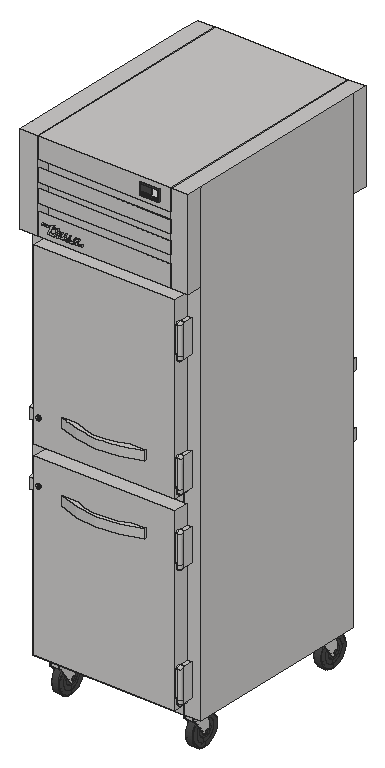
Revit family "QF_TRUE_STG1FPT-2HS-2HS", category Specialty Equipment, Revit 2012
Parameters
  Weight in Pounds = 0
  Watts = if(Phase = 3, Volts * FL Amps * 1.73, Volts * FL Amps)  # 1000.5 W
  Volts = 115 V
  URL Cutsheet = "www.truemfg.com"
  URL = "www.truemfg.com"
  Type Mark [instance] = ""
  Type Comments = ""
  Status [instance] = ""
  Specification by User [instance] = ""
  Specification by Manufacturer = ""
  Show Seismic Flanged [instance] = no
  Show Logo [instance] = yes
  Show Legs [instance] = no
  Show Clearance [instance] = yes
  Serial Number = ""
  Seismic Rating = ""
  Seismic Plate [instance] = and(Show Seismic Flanged, not(Show Casters))  # no
  SMACNA No = ""
  Revision Code [instance] = ""
  Phase = 1
  Omniclass Number and Title = ""
  Number of Poles [instance] = 1
  NAFEM Spec ID Number = ""
  Model = "STG1FPT-2HS-2HS"
  Min Ckt Ampacity = 0 A
  Max Overcurrent Protection = 0 A
  Masterspec = ""
  Manufacturer = "TRUE FOOD SERVICE EQUIPMENT, INC."
  Length = 27 1/2"
  Legs [instance] = or(Show Legs, Show Seismic Flanged)  # no
  Item Number [instance] = ""
  Installed By [instance] = ""
  Identify Quantity as Lot [instance] = yes
  Height = 77 3/4"
  HP = "3/4"
  Furnished By [instance] = ""
  Foodservice Equipment Identifier [instance] = yes
  FL Amps = 8.7 A
  Electrical Remarks [instance] = ""
  Electric Connection Type [instance] = ""
  Elec Conn RI Height [instance] = 0"
  Elec Conn Connection Height [instance] = 0"
  Description = "PASS-THRU SOLID HALF FRONT/SOLID HALF REAR SWING DOORS FREEZER WITH LED LIGHTING"
  Depth = 36 1/2"
  Cycle = 60 Hz
  Conn Plug = "5-15P"
  Conn Conduit = yes
  Show Casters [instance] = and(not(if(Show Legs, Show Legs, Show Legs)), not(if(Show Legs, Show Legs, Show Seismic Flanged)))  # yes
  CSI MasterFormat = ""
  CSI Master Format = ""
  Apparent Power = if(Phase = 3, Volts * FL Amps * 1.73, Volts * FL Amps)  # 1000.5 VA
Reference planes (in)
  plane 1: z = 0
  plane 2 "LEFT": x = 0
  plane 3 "RIGHT": x = 27.5
  plane 4 "FRONT": y = -33.75
  plane 5 "TOP": z = 84.125
  plane 6: z = 6.125
  plane 7: y = 2.75
  plane 8: y = -56.59375
  plane 9: y = 2.5625
  plane 10: y = -33.5625
  plane 11: y = 25.59375
Forms (in)
  Extrusion 1, solid, material "QF_Finishes_Stainless Steel"
    sketch origin (0.05, 0, 0) x (1, 0, 0) y (0, 1, 0)
      loop
        line (-0.05, 0) -> (-0.05, -31) -> (2.80938, -31) -> (2.80938, 0) -> (-0.05, 0)
    from 6.125 to 84.125
  Extrusion 2, solid, material "QF_Finishes_Stainless Steel"
    sketch origin (50.15, 0, 0) x (1, 0, 0) y (0, 1, 0)
      loop
        line (-25.50937, 0) -> (-25.50937, -31) -> (-22.65, -31) -> (-22.65, 0) -> (-25.50937, 0)
    from 6.125 to 84.125
  Extrusion 3, solid, material "QF_Finishes_Stainless Steel"
    sketch origin (0, 0, 0) x (0, 1, 0) y (0, 0, 1)
      loop
        line (-33.5625, 69.5) -> (-31, 69.5) -> (-31, 64.875) -> (0, 64.875) -> (0, 69.5) -> (2.5625, 69.5) -> (2.5625, 73.1597) -> (0.49784, 71.69166) -> (0.49784, 72.96723) -> (2.5625, 74.43527) -> (2.5625, 76.53148) -> (0.49784, 75.06344) -> (0.49784, 76.0242) -> (2.5625, 77.49224) -> (2.5625, 79.62595) -> (0.49784, 78.15791) -> (0.49784, 79.28018) -> (2.5625, 80.74822) -> (2.5625, 84.125) -> (-33.5625, 84.125) -> (-33.5625, 80.68002) -> (-31.5, 79.21352) -> (-31.5, 78.09125) -> (-33.5625, 79.55776) -> (-33.5625, 77.42405) -> (-31.5, 75.95754) -> (-31.5, 74.99678) -> (-33.5625, 76.46328) -> (-33.5625, 74.36708) -> (-31.5, 72.90057) -> (-31.5, 71.625) -> (-33.5625, 73.09151) -> (-33.5625, 69.5)
      loop
        line (-31, 6.125) -> (0, 6.125) -> (0, 8.94743) -> (-31, 8.94743) -> (-31, 6.125)
      loop
        line (-31, 39.875) -> (-31, 36.125) -> (-30, 36.125) -> (-30, 39.875) -> (-31, 39.875)
      loop
        line (0, 39.875) -> (-1, 39.875) -> (-1, 36.125) -> (0, 36.125) -> (0, 39.875)
    from 2.85938 to 24.64062
  Extrusion 4, solid, material "QF_Finishes_Stainless Steel"
    sketch origin (0, 0, 0) x (1, 0, 0) y (0, 1, 0)
      loop
        line (27.45312, -31) -> (24.64062, -31) -> (24.64062, -33.5625) -> (27.45312, -33.5625) -> (27.45312, -31)
    from 69.5 to 84.125
  Extrusion 5, solid, material "QF_Finishes_Stainless Steel"
    sketch origin (-50.125, 0, 0.25) x (1, 0, 0) y (0, 1, 0)
      loop
        line (52.98437, -31) -> (50.17188, -31) -> (50.17188, -33.5625) -> (52.98437, -33.5625) -> (52.98437, -31)
    from 69.25 to 83.875
  Extrusion 6, solid, material "QF_Finishes_Stainless Steel", visible <- "Show Logo"
    sketch origin (0.33478, 1.08173, -6.73143) x (1, 0, 0) y (0, 0, 1)
      loop
        line (3.46044, 78.46231) -> (3.35478, 78.23573) -> (4.76027, 78.23573)
        arc (4.76027, 78.23573) -> (4.78879, 78.18528) -> (4.76027, 78.13484) r 0.05887
        line (4.76027, 78.13484) -> (4.39369, 77.34872)
        arc (4.39369, 77.34872) -> (4.39051, 77.27591) -> (4.43975, 77.22217) r 0.09523
        line (4.43975, 77.22217) -> (5.33844, 77.22217)
        arc (5.33844, 77.22217) -> (5.45192, 77.25795) -> (5.52436, 77.35235) r 0.19785
        line (5.52436, 77.35235) -> (5.81285, 77.97101) -> (6.0779, 77.97101)
        arc (6.0779, 77.97101) -> (6.14744, 77.94543) -> (6.13737, 77.87203) r 0.05911
        line (6.13737, 77.87203) -> (5.89598, 77.35437)
        arc (5.89598, 77.35437) -> (5.89974, 77.2684) -> (5.97231, 77.22217) r 0.09318
        line (5.97231, 77.22217) -> (6.76198, 77.22217)
        arc (6.76198, 77.22217) -> (6.82249, 77.24419) -> (6.85468, 77.29995) r 0.09412
        arc (6.85468, 77.29995) -> (6.87746, 77.24495) -> (6.93246, 77.22217) r 0.07778
        line (6.93246, 77.22217) -> (7.43246, 77.22217)
        arc (7.43246, 77.22217) -> (7.49022, 77.23765) -> (7.53251, 77.27993) r 0.11552
        arc (7.53251, 77.27993) -> (7.55275, 77.23106) -> (7.60162, 77.21081) r 0.06912
        line (7.60162, 77.21081) -> (8.31225, 77.21081)
        arc (8.31225, 77.21081) -> (8.37034, 77.23488) -> (8.39441, 77.29297) r 0.08216
        arc (8.39441, 77.29297) -> (8.44767, 77.23972) -> (8.52042, 77.22022) r 0.14551
        line (8.52042, 77.22022) -> (9.85158, 77.22022) -> (9.99946, 77.47634) -> (8.65678, 77.47634)
        arc (8.65678, 77.47634) -> (8.61972, 77.50204) -> (8.61834, 77.54711) r 0.05009
        line (8.61834, 77.54711) -> (8.64157, 77.59692)
        arc (8.64157, 77.59692) -> (8.67723, 77.64364) -> (8.73327, 77.66135) r 0.09747
        line (8.73327, 77.66135) -> (9.16485, 77.66135)
        arc (9.16485, 77.66135) -> (9.258, 77.68631) -> (9.32619, 77.7545) r 0.1863
        line (9.32619, 77.7545) -> (9.45119, 77.97101)
        arc (9.45119, 77.97101) -> (9.45119, 78.08657) -> (9.35111, 78.14434) r 0.11556
        line (9.35111, 78.14434) -> (8.89562, 78.14434)
        arc (8.89562, 78.14434) -> (8.7795, 78.12462) -> (8.69849, 78.03912) r 0.18605
        line (8.69849, 78.03912) -> (8.48204, 77.57493)
        arc (8.48204, 77.57493) -> (8.41815, 77.49167) -> (8.31806, 77.46011) r 0.1745
        line (8.31806, 77.46011) -> (7.84559, 77.46011)
        arc (7.84559, 77.46011) -> (7.78903, 77.52184) -> (7.79268, 77.60548) r 0.10939
        line (7.79268, 77.60548) -> (8.04395, 78.14434) -> (7.88403, 78.14434) -> (7.61781, 77.57344)
        arc (7.61781, 77.57344) -> (7.56609, 77.50603) -> (7.48505, 77.48048) r 0.14128
        line (7.48505, 77.48048) -> (7.15925, 77.48048)
        arc (7.15925, 77.48048) -> (7.10419, 77.55223) -> (7.116, 77.64189) r 0.11816
        line (7.116, 77.64189) -> (7.3503, 78.14434) -> (7.18514, 78.14434) -> (6.91546, 77.566)
        arc (6.91546, 77.566) -> (6.85285, 77.50339) -> (6.76733, 77.48048) r 0.17104
        line (6.76733, 77.48048) -> (6.29555, 77.48048)
        arc (6.29555, 77.48048) -> (6.21082, 77.51999) -> (6.20267, 77.61313) r 0.0935
        line (6.20267, 77.61313) -> (6.35774, 77.94569) -> (6.57695, 77.94569)
        arc (6.57695, 77.94569) -> (6.61395, 78.05717) -> (6.69267, 78.14434) r 0.2857
        line (6.69267, 78.14434) -> (5.83605, 78.14434)
        arc (5.83605, 78.14434) -> (5.74086, 78.12324) -> (5.67498, 78.05135) r 0.16212
        line (5.67498, 78.05135) -> (5.44279, 77.55341)
        arc (5.44279, 77.55341) -> (5.3894, 77.50002) -> (5.31647, 77.48048) r 0.14586
        line (5.31647, 77.48048) -> (4.80506, 77.48048)
        arc (4.80506, 77.48048) -> (4.76514, 77.53442) -> (4.77274, 77.60109) r 0.09155
        line (4.77274, 77.60109) -> (5.11018, 78.23573) -> (5.96155, 78.23573) -> (6.06721, 78.46231) -> (5.21584, 78.46231) -> (5.32149, 78.68888) -> (5.01862, 78.68888) -> (4.91297, 78.46231) -> (3.46044, 78.46231)
      loop
        arc (8.83805, 77.93863) -> (8.80119, 77.92875) -> (8.7742, 77.90176) r 0.07373
        line (8.7742, 77.90176) -> (8.75229, 77.83436)
        arc (8.75229, 77.83436) -> (8.76245, 77.80983) -> (8.78699, 77.79966) r 0.0347
        line (8.78699, 77.79966) -> (9.15948, 77.79966)
        arc (9.15948, 77.79966) -> (9.18632, 77.80561) -> (9.20812, 77.82234) r 0.0635
        line (9.20812, 77.82234) -> (9.22624, 77.90622)
        arc (9.22624, 77.90622) -> (9.22091, 77.92868) -> (9.20009, 77.93863) r 0.02676
        line (9.20009, 77.93863) -> (8.83805, 77.93863)
    from 34.64423 to 34.83173
  Extrusion 7, solid, material "QF_Finishes_Stainless Steel"
    sketch origin (-25.125, 2.6875, 0) x (1, 0, 0) y (0, 0, 1)
      loop
        circle (49.375, 82) r 0.25
    from 0.23221 to 0.125
  Blend 8, solid, material "QF_Finishes_Stainless Steel"
    base sketch origin (27.53125, 0.1875, 4.96473) x (-1, 0, 0) y (0, 0, -1)
      loop
        line (25.25, -38.99169) -> (26, -38.99169) -> (26, -37.24169) -> (25.25, -37.24169) -> (25.25, -38.99169)
    top sketch origin (27.53125, 0.1875, 4.96473) x (-1, 0, 0) y (0, 0, -1)
      loop
        line (26.18223, -36.6441) -> (25.25, -36.6441) -> (25.25, -39.42643) -> (26.18223, -39.42643) -> (26.18223, -36.6441)
    from 33.57883 to 31.1875
  Extrusion 9, solid, material "QF_Finishes_Stainless Steel"
    sketch origin (26.21875, 0.1875, 0) x (0, 1, 0) y (0, 0, -1)
      loop
        line (-31.1875, -64.55229) -> (-31.1875, -59.23627) -> (-33.25, -59.23627) -> (-33.25, -59.94848) -> (-32.81497, -59.94848) -> (-32.81497, -64.34776)
        arc (-32.81497, -64.34776) -> (-32.75506, -64.49238) -> (-32.61044, -64.55229) r 0.20453
        line (-32.61044, -64.55229) -> (-31.1875, -64.55229)
    from 0.17506 to 1
  Revolve 10, solid, material "QF_Finishes_Stainless Steel"
    sketch origin (25.71875, 0.1875, 0) x (0, 1, 0) y (0, 0, -1)
      loop
        line (-33.26563, -60.00189) -> (-33.67229, -60.00189) -> (-33.67229, -64.4736)
        arc (-33.67229, -64.4736) -> (-33.53722, -64.72557) -> (-33.26563, -64.81483) r 0.3848
        line (-33.26563, -64.81483) -> (-33.26563, -60.00189)
      loop
        line (-33.26563, -59.94848) -> (-33.26563, -59.04781)
        arc (-33.26563, -59.04781) -> (-33.53264, -59.13383) -> (-33.67229, -59.37712) r 0.38884
        line (-33.67229, -59.37712) -> (-33.67229, -59.94848) -> (-33.26563, -59.94848)
      axis (-33.26563, -59.04781) -> (-33.26563, -64.81483)
    angle from 0 to 360
  Extrusion 11, solid, material "QF_Finishes_Stainless Steel"
    sketch origin (27.53125, 0.1875, 0) x (-1, 0, 0) y (0, 0, -1)
      loop
        line (1.91491, -64.4736) -> (2.3125, -64.4736) -> (2.3125, -60.00079) -> (1.91491, -60.00079) -> (1.91491, -64.4736)
    from 32.81497 to 33.59495
  Extrusion 12, solid, material "QF_Finishes_Stainless Steel"
    sketch origin (26.21875, 0.1875, -19.5) x (0, 1, 0) y (0, 0, -1)
      loop
        line (-31.1875, -64.55229) -> (-31.1875, -59.23627) -> (-33.25, -59.23627) -> (-33.25, -59.94848) -> (-32.81497, -59.94848) -> (-32.81497, -64.34776)
        arc (-32.81497, -64.34776) -> (-32.75506, -64.49238) -> (-32.61044, -64.55229) r 0.20453
        line (-32.61044, -64.55229) -> (-31.1875, -64.55229)
    from 0.17506 to 1
  Revolve 13, solid, material "QF_Finishes_Stainless Steel"
    sketch origin (25.71875, 0.1875, -19.5) x (0, 1, 0) y (0, 0, -1)
      loop
        line (-33.26563, -60.00189) -> (-33.67229, -60.00189) -> (-33.67229, -64.4736)
        arc (-33.67229, -64.4736) -> (-33.53722, -64.72557) -> (-33.26563, -64.81483) r 0.3848
        line (-33.26563, -64.81483) -> (-33.26563, -60.00189)
      loop
        line (-33.26563, -59.94848) -> (-33.26563, -59.04781)
        arc (-33.26563, -59.04781) -> (-33.53264, -59.13383) -> (-33.67229, -59.37712) r 0.38884
        line (-33.67229, -59.37712) -> (-33.67229, -59.94848) -> (-33.26563, -59.94848)
      axis (-33.26563, -59.04781) -> (-33.26563, -64.81483)
    angle from 0 to 360
  Extrusion 14, solid, material "QF_Finishes_Stainless Steel"
    sketch origin (27.53125, 0.1875, -19.5) x (-1, 0, 0) y (0, 0, -1)
      loop
        line (1.91491, -64.4736) -> (2.3125, -64.4736) -> (2.3125, -60.00079) -> (1.91491, -60.00079) -> (1.91491, -64.4736)
    from 32.81497 to 33.59495
  Extrusion 15, solid, material "QF_Finishes_Stainless Steel"
    sketch origin (26.21875, 0.1875, -30.5) x (0, 1, 0) y (0, 0, -1)
      loop
        line (-31.1875, -64.55229) -> (-31.1875, -59.23627) -> (-33.25, -59.23627) -> (-33.25, -59.94848) -> (-32.81497, -59.94848) -> (-32.81497, -64.34776)
        arc (-32.81497, -64.34776) -> (-32.75506, -64.49238) -> (-32.61044, -64.55229) r 0.20453
        line (-32.61044, -64.55229) -> (-31.1875, -64.55229)
    from 0.17506 to 1
  Revolve 16, solid, material "QF_Finishes_Stainless Steel"
    sketch origin (25.71875, 0.1875, -30.5) x (0, 1, 0) y (0, 0, -1)
      loop
        line (-33.26563, -60.00189) -> (-33.67229, -60.00189) -> (-33.67229, -64.4736)
        arc (-33.67229, -64.4736) -> (-33.53722, -64.72557) -> (-33.26563, -64.81483) r 0.3848
        line (-33.26563, -64.81483) -> (-33.26563, -60.00189)
      loop
        line (-33.26563, -59.94848) -> (-33.26563, -59.04781)
        arc (-33.26563, -59.04781) -> (-33.53264, -59.13383) -> (-33.67229, -59.37712) r 0.38884
        line (-33.67229, -59.37712) -> (-33.67229, -59.94848) -> (-33.26563, -59.94848)
      axis (-33.26563, -59.04781) -> (-33.26563, -64.81483)
    angle from 0 to 360
  Extrusion 17, solid, material "QF_Finishes_Stainless Steel"
    sketch origin (27.53125, 0.1875, -30.5) x (-1, 0, 0) y (0, 0, -1)
      loop
        line (1.91491, -64.4736) -> (2.3125, -64.4736) -> (2.3125, -60.00079) -> (1.91491, -60.00079) -> (1.91491, -64.4736)
    from 32.81497 to 33.59495
  Extrusion 18, solid, material "QF_Finishes_Stainless Steel"
    sketch origin (26.21875, 0.1875, -50.25) x (0, 1, 0) y (0, 0, -1)
      loop
        line (-31.1875, -64.55229) -> (-31.1875, -59.23627) -> (-33.25, -59.23627) -> (-33.25, -59.94848) -> (-32.81497, -59.94848) -> (-32.81497, -64.34776)
        arc (-32.81497, -64.34776) -> (-32.75506, -64.49238) -> (-32.61044, -64.55229) r 0.20453
        line (-32.61044, -64.55229) -> (-31.1875, -64.55229)
    from 0.17506 to 1
  Revolve 19, solid, material "QF_Finishes_Stainless Steel"
    sketch origin (25.71875, 0.1875, -50.25) x (0, 1, 0) y (0, 0, -1)
      loop
        line (-33.26563, -60.00189) -> (-33.67229, -60.00189) -> (-33.67229, -64.4736)
        arc (-33.67229, -64.4736) -> (-33.53722, -64.72557) -> (-33.26563, -64.81483) r 0.3848
        line (-33.26563, -64.81483) -> (-33.26563, -60.00189)
      loop
        line (-33.26563, -59.94848) -> (-33.26563, -59.04781)
        arc (-33.26563, -59.04781) -> (-33.53264, -59.13383) -> (-33.67229, -59.37712) r 0.38884
        line (-33.67229, -59.37712) -> (-33.67229, -59.94848) -> (-33.26563, -59.94848)
      axis (-33.26563, -59.04781) -> (-33.26563, -64.81483)
    angle from 0 to 360
  Extrusion 20, solid, material "QF_Finishes_Stainless Steel"
    sketch origin (27.53125, 0.1875, -50.25) x (-1, 0, 0) y (0, 0, -1)
      loop
        line (1.91491, -64.4736) -> (2.3125, -64.4736) -> (2.3125, -60.00079) -> (1.91491, -60.00079) -> (1.91491, -64.4736)
    from 32.81497 to 33.59495
  Revolve 21, solid, material "QF_Finishes_Black", visible <- "Show Casters"
    sketch origin (22.65625, -27.375, 0) x (1, 0, 0) y (0, 0, 1)
      loop
        line (1.475, 5) -> (1.375, 4.9) -> (1.375, 4.29941) -> (1.53601, 4.29941) -> (1.53601, 3.54941) -> (1.375, 3.54941) -> (1.375, 2.79941) -> (0.975, 2.79941) -> (0.975, 2.5) -> (3.025, 2.5) -> (3.025, 2.79941) -> (2.62908, 2.79941) -> (2.62908, 3.54941) -> (2.46399, 3.54941) -> (2.46399, 4.29941) -> (2.62908, 4.29941) -> (2.62908, 4.89592) -> (2.525, 5) -> (1.475, 5)
      axis (3.025, 2.5) -> (0.975, 2.5)
    angle from 0 to 360
  Extrusion 22, solid, material "QF_Finishes_Stainless Steel", visible <- "Show Casters"
    sketch origin (22.65625, 0, 0) x (0, 1, 0) y (0, 0, 1)
      loop
        line (-29.95136, 5.48574) -> (-29.95136, 4.88089) -> (-29.70136, 4.88089) -> (-27.95216, 2.18736)
        arc (-27.95216, 2.18736) -> (-27.23883, 1.94868) -> (-26.84581, 2.59003) r 0.60416
        line (-26.84581, 2.59003) -> (-27.20136, 5.48574) -> (-29.95136, 5.48574)
      loop
        line (-3.8577, 5.48574) -> (-3.8577, 4.88089) -> (-3.6077, 4.88089) -> (-1.8585, 2.18736)
        arc (-1.8585, 2.18736) -> (-1.14517, 1.94868) -> (-0.75215, 2.59003) r 0.60416
        line (-0.75215, 2.59003) -> (-1.1077, 5.48574) -> (-3.8577, 5.48574)
    from 1.175 to 1.325
  Extrusion 23, solid, material "QF_Finishes_Stainless Steel", visible <- "Show Casters"
    sketch origin (24.15625, 0, 0) x (0, 1, 0) y (0, 0, 1)
      loop
        line (-29.95136, 5.48574) -> (-29.95136, 4.88089) -> (-29.70136, 4.88089) -> (-27.95216, 2.18736)
        arc (-27.95216, 2.18736) -> (-27.23883, 1.94868) -> (-26.84581, 2.59003) r 0.60416
        line (-26.84581, 2.59003) -> (-27.20136, 5.48574) -> (-29.95136, 5.48574)
      loop
        line (-3.8577, 5.48574) -> (-3.8577, 4.88089) -> (-3.6077, 4.88089) -> (-1.8585, 2.18736)
        arc (-1.8585, 2.18736) -> (-1.14517, 1.94868) -> (-0.75215, 2.59003) r 0.60416
        line (-0.75215, 2.59003) -> (-1.1077, 5.48574) -> (-3.8577, 5.48574)
    from 1.175 to 1.325
  Revolve 24, solid, material "QF_Finishes_Stainless Steel", visible <- "Show Casters"
    sketch origin (22.65625, -28.57636, -0.5) x (1, 0, 0) y (0, 0, 1)
      loop
        line (2, 5.98574) -> (2, 6.625) -> (0.70293, 6.625) -> (0.70293, 5.98574) -> (2, 5.98574)
      axis (2, 5.98574) -> (2, 6.625)
    angle from 0 to 360
  Revolve 25, solid, material "QF_Finishes_Stainless Steel", visible <- "Legs"
    sketch origin (22.65625, -2.69102, 0) x (1, 0, 0) y (0, 0, 1)
      loop
        line (2, 6.125) -> (0.66662, 6.125) -> (1.25, 1) -> (1.5, 1) -> (1.5, 0) -> (2, 0) -> (2, 6.125)
      axis (2, 0) -> (2, 6.125)
    angle from 0 to 360
  Revolve 26, solid, material "QF_Finishes_Stainless Steel", visible <- "Legs"
    sketch origin (22.65625, -28.65977, 0) x (1, 0, 0) y (0, 0, 1)
      loop
        line (2, 6.125) -> (0.66662, 6.125) -> (1.25, 1) -> (1.5, 1) -> (1.5, 0) -> (2, 0) -> (2, 6.125)
      axis (2, 0) -> (2, 6.125)
    angle from 0 to 360
  Revolve 27, solid, material "QF_Finishes_Stainless Steel", visible <- "Show Casters"
    sketch origin (22.65625, -2.4827, -0.5) x (1, 0, 0) y (0, 0, 1)
      loop
        line (2, 5.98574) -> (2, 6.625) -> (0.70293, 6.625) -> (0.70293, 5.98574) -> (2, 5.98574)
      axis (2, 5.98574) -> (2, 6.625)
    angle from 0 to 360
  Extrusion 28, solid, material "QF_Finishes_Stainless Steel", visible <- "Show Casters"
    sketch origin (-25.125, 0, 0) x (0, 1, 0) y (0, 0, 1)
      loop
        line (-29.95136, 5.48574) -> (-29.95136, 4.88089) -> (-29.70136, 4.88089) -> (-27.16533, 5.19227) -> (-27.20136, 5.48574) -> (-29.95136, 5.48574)
      loop
        line (-3.8577, 5.48574) -> (-3.8577, 4.88089) -> (-3.6077, 4.88089) -> (-1.07167, 5.19227) -> (-1.1077, 5.48574) -> (-3.8577, 5.48574)
    from 49.10625 to 50.45625
  Revolve 29, solid, material "QF_Finishes_Black", visible <- "Show Casters"
    sketch origin (22.65625, -1.21875, 0) x (1, 0, 0) y (0, 0, 1)
      loop
        line (1.475, 5) -> (1.375, 4.9) -> (1.375, 4.29941) -> (1.53601, 4.29941) -> (1.53601, 3.54941) -> (1.375, 3.54941) -> (1.375, 2.79941) -> (0.975, 2.79941) -> (0.975, 2.5) -> (3.025, 2.5) -> (3.025, 2.79941) -> (2.62908, 2.79941) -> (2.62908, 3.54941) -> (2.46399, 3.54941) -> (2.46399, 4.29941) -> (2.62908, 4.29941) -> (2.62908, 4.89592) -> (2.525, 5) -> (1.475, 5)
      axis (3.025, 2.5) -> (0.975, 2.5)
    angle from 0 to 360
  Revolve 30, solid, material "QF_Finishes_Black", visible <- "Show Casters"
    sketch origin (0.84375, -27.375, 0) x (1, 0, 0) y (0, 0, 1)
      loop
        line (1.475, 5) -> (1.375, 4.9) -> (1.375, 4.29941) -> (1.53601, 4.29941) -> (1.53601, 3.54941) -> (1.375, 3.54941) -> (1.375, 2.79941) -> (0.975, 2.79941) -> (0.975, 2.5) -> (3.025, 2.5) -> (3.025, 2.79941) -> (2.62908, 2.79941) -> (2.62908, 3.54941) -> (2.46399, 3.54941) -> (2.46399, 4.29941) -> (2.62908, 4.29941) -> (2.62908, 4.89592) -> (2.525, 5) -> (1.475, 5)
      axis (3.025, 2.5) -> (0.975, 2.5)
    angle from 0 to 360
  Extrusion 31, solid, material "QF_Finishes_Stainless Steel", visible <- "Show Casters"
    sketch origin (0.84375, 0, 0) x (0, 1, 0) y (0, 0, 1)
      loop
        line (-29.95136, 5.48574) -> (-29.95136, 4.88089) -> (-29.70136, 4.88089) -> (-27.95216, 2.18736)
        arc (-27.95216, 2.18736) -> (-27.23883, 1.94868) -> (-26.84581, 2.59003) r 0.60416
        line (-26.84581, 2.59003) -> (-27.20136, 5.48574) -> (-29.95136, 5.48574)
      loop
        line (-3.8577, 5.48574) -> (-3.8577, 4.88089) -> (-3.6077, 4.88089) -> (-1.8585, 2.18736)
        arc (-1.8585, 2.18736) -> (-1.14517, 1.94868) -> (-0.75215, 2.59003) r 0.60416
        line (-0.75215, 2.59003) -> (-1.1077, 5.48574) -> (-3.8577, 5.48574)
    from 1.175 to 1.325
  Extrusion 32, solid, material "QF_Finishes_Stainless Steel", visible <- "Show Casters"
    sketch origin (2.34375, 0, 0) x (0, 1, 0) y (0, 0, 1)
      loop
        line (-29.95136, 5.48574) -> (-29.95136, 4.88089) -> (-29.70136, 4.88089) -> (-27.95216, 2.18736)
        arc (-27.95216, 2.18736) -> (-27.23883, 1.94868) -> (-26.84581, 2.59003) r 0.60416
        line (-26.84581, 2.59003) -> (-27.20136, 5.48574) -> (-29.95136, 5.48574)
      loop
        line (-3.8577, 5.48574) -> (-3.8577, 4.88089) -> (-3.6077, 4.88089) -> (-1.8585, 2.18736)
        arc (-1.8585, 2.18736) -> (-1.14517, 1.94868) -> (-0.75215, 2.59003) r 0.60416
        line (-0.75215, 2.59003) -> (-1.1077, 5.48574) -> (-3.8577, 5.48574)
    from 1.175 to 1.325
  Revolve 33, solid, material "QF_Finishes_Stainless Steel", visible <- "Show Casters"
    sketch origin (0.84375, -28.57636, -0.5) x (1, 0, 0) y (0, 0, 1)
      loop
        line (2, 5.98574) -> (2, 6.625) -> (0.70293, 6.625) -> (0.70293, 5.98574) -> (2, 5.98574)
      axis (2, 5.98574) -> (2, 6.625)
    angle from 0 to 360
  Revolve 34, solid, material "QF_Finishes_Stainless Steel", visible <- "Legs"
    sketch origin (0.84375, -2.69102, 0) x (1, 0, 0) y (0, 0, 1)
      loop
        line (2, 6.125) -> (0.66662, 6.125) -> (1.25, 1) -> (1.5, 1) -> (1.5, 0) -> (2, 0) -> (2, 6.125)
      axis (2, 0) -> (2, 6.125)
    angle from 0 to 360
  Revolve 35, solid, material "QF_Finishes_Stainless Steel", visible <- "Legs"
    sketch origin (0.84375, -28.65977, 0) x (1, 0, 0) y (0, 0, 1)
      loop
        line (2, 6.125) -> (0.66662, 6.125) -> (1.25, 1) -> (1.5, 1) -> (1.5, 0) -> (2, 0) -> (2, 6.125)
      axis (2, 0) -> (2, 6.125)
    angle from 0 to 360
  Revolve 36, solid, material "QF_Finishes_Stainless Steel", visible <- "Show Casters"
    sketch origin (0.84375, -2.4827, -0.5) x (1, 0, 0) y (0, 0, 1)
      loop
        line (2, 5.98574) -> (2, 6.625) -> (0.70293, 6.625) -> (0.70293, 5.98574) -> (2, 5.98574)
      axis (2, 5.98574) -> (2, 6.625)
    angle from 0 to 360
  Extrusion 37, solid, material "QF_Finishes_Stainless Steel", visible <- "Show Casters"
    sketch origin (-46.9375, 0, 0) x (0, 1, 0) y (0, 0, 1)
      loop
        line (-29.95136, 5.48574) -> (-29.95136, 4.88089) -> (-29.70136, 4.88089) -> (-27.16533, 5.19227) -> (-27.20136, 5.48574) -> (-29.95136, 5.48574)
      loop
        line (-3.8577, 5.48574) -> (-3.8577, 4.88089) -> (-3.6077, 4.88089) -> (-1.07167, 5.19227) -> (-1.1077, 5.48574) -> (-3.8577, 5.48574)
    from 49.10625 to 50.45625
  Revolve 38, solid, material "QF_Finishes_Black", visible <- "Show Casters"
    sketch origin (0.84375, -1.21875, 0) x (1, 0, 0) y (0, 0, 1)
      loop
        line (1.475, 5) -> (1.375, 4.9) -> (1.375, 4.29941) -> (1.53601, 4.29941) -> (1.53601, 3.54941) -> (1.375, 3.54941) -> (1.375, 2.79941) -> (0.975, 2.79941) -> (0.975, 2.5) -> (3.025, 2.5) -> (3.025, 2.79941) -> (2.62908, 2.79941) -> (2.62908, 3.54941) -> (2.46399, 3.54941) -> (2.46399, 4.29941) -> (2.62908, 4.29941) -> (2.62908, 4.89592) -> (2.525, 5) -> (1.475, 5)
      axis (3.025, 2.5) -> (0.975, 2.5)
    angle from 0 to 360
  Extrusion 39, solid, material "QF_Finishes_Stainless Steel"
    sketch origin (0, -31.375, 0) x (1, 0, 0) y (0, 1, 0)
      loop
        line (27.45312, 31.375) -> (27.45312, 33.9375) -> (24.64062, 33.9375) -> (24.64062, 31.375) -> (27.45312, 31.375)
    from 69.5 to 84.125
  Extrusion 40, solid, material "QF_Finishes_Stainless Steel"
    sketch origin (-50.125, -31, 0.25) x (1, 0, 0) y (0, 1, 0)
      loop
        line (52.98437, 31) -> (52.98437, 33.5625) -> (50.17188, 33.5625) -> (50.17188, 31) -> (52.98437, 31)
    from 69.25 to 83.875
  Extrusion 41, solid, material "QF_Finishes_Stainless Steel"
    sketch origin (1.28125, -31.17295, 0) x (0, -1, 0) y (0, 0, -1)
      loop
        line (-31.17295, -64.55229) -> (-31.17295, -59.23627) -> (-33.25, -59.23627) -> (-33.25, -59.94848) -> (-32.81497, -59.94848) -> (-32.81497, -64.34776)
        arc (-32.81497, -64.34776) -> (-32.75506, -64.49238) -> (-32.61044, -64.55229) r 0.20453
        line (-32.61044, -64.55229) -> (-31.17295, -64.55229)
    from 0.17506 to 1
  Revolve 42, solid, material "QF_Finishes_Stainless Steel"
    sketch origin (1.78125, -31.17295, 0) x (0, -1, 0) y (0, 0, -1)
      loop
        line (-33.26563, -60.00189) -> (-33.67229, -60.00189) -> (-33.67229, -64.4736)
        arc (-33.67229, -64.4736) -> (-33.53722, -64.72557) -> (-33.26563, -64.81483) r 0.3848
        line (-33.26563, -64.81483) -> (-33.26563, -60.00189)
      loop
        line (-33.26563, -59.94848) -> (-33.26563, -59.04781)
        arc (-33.26563, -59.04781) -> (-33.53264, -59.13383) -> (-33.67229, -59.37712) r 0.38884
        line (-33.67229, -59.37712) -> (-33.67229, -59.94848) -> (-33.26563, -59.94848)
      axis (-33.26563, -59.04781) -> (-33.26563, -64.81483)
    angle from 0 to 360
  Extrusion 43, solid, material "QF_Finishes_Stainless Steel"
    sketch origin (-0.03125, -31.17295, 0) x (1, 0, 0) y (0, 0, -1)
      loop
        line (1.91491, -64.4736) -> (2.3125, -64.4736) -> (2.3125, -60.00079) -> (1.91491, -60.00079) -> (1.91491, -64.4736)
    from 32.81497 to 33.59495
  Extrusion 44, solid, material "QF_Finishes_Stainless Steel"
    sketch origin (1.28125, -31.17295, -19.5) x (0, -1, 0) y (0, 0, -1)
      loop
        line (-31.17295, -64.55229) -> (-31.17295, -59.23627) -> (-33.25, -59.23627) -> (-33.25, -59.94848) -> (-32.81497, -59.94848) -> (-32.81497, -64.34776)
        arc (-32.81497, -64.34776) -> (-32.75506, -64.49238) -> (-32.61044, -64.55229) r 0.20453
        line (-32.61044, -64.55229) -> (-31.17295, -64.55229)
    from 0.17506 to 1
  Revolve 45, solid, material "QF_Finishes_Stainless Steel"
    sketch origin (1.78125, -31.17295, -19.5) x (0, -1, 0) y (0, 0, -1)
      loop
        line (-33.26563, -60.00189) -> (-33.67229, -60.00189) -> (-33.67229, -64.4736)
        arc (-33.67229, -64.4736) -> (-33.53722, -64.72557) -> (-33.26563, -64.81483) r 0.3848
        line (-33.26563, -64.81483) -> (-33.26563, -60.00189)
      loop
        line (-33.26563, -59.94848) -> (-33.26563, -59.04781)
        arc (-33.26563, -59.04781) -> (-33.53264, -59.13383) -> (-33.67229, -59.37712) r 0.38884
        line (-33.67229, -59.37712) -> (-33.67229, -59.94848) -> (-33.26563, -59.94848)
      axis (-33.26563, -59.04781) -> (-33.26563, -64.81483)
    angle from 0 to 360
  Extrusion 46, solid, material "QF_Finishes_Stainless Steel"
    sketch origin (-0.03125, -31.17295, -19.5) x (1, 0, 0) y (0, 0, -1)
      loop
        line (1.91491, -64.4736) -> (2.3125, -64.4736) -> (2.3125, -60.00079) -> (1.91491, -60.00079) -> (1.91491, -64.4736)
    from 32.81497 to 33.59495
  Extrusion 47, solid, material "QF_Finishes_Stainless Steel"
    sketch origin (1.28125, -31.17295, -30.5) x (0, -1, 0) y (0, 0, -1)
      loop
        line (-31.17295, -64.55229) -> (-31.17295, -59.23627) -> (-33.25, -59.23627) -> (-33.25, -59.94848) -> (-32.81497, -59.94848) -> (-32.81497, -64.34776)
        arc (-32.81497, -64.34776) -> (-32.75506, -64.49238) -> (-32.61044, -64.55229) r 0.20453
        line (-32.61044, -64.55229) -> (-31.17295, -64.55229)
    from 0.17506 to 1
  Revolve 48, solid, material "QF_Finishes_Stainless Steel"
    sketch origin (1.78125, -31.17295, -30.5) x (0, -1, 0) y (0, 0, -1)
      loop
        line (-33.26563, -60.00189) -> (-33.67229, -60.00189) -> (-33.67229, -64.4736)
        arc (-33.67229, -64.4736) -> (-33.53722, -64.72557) -> (-33.26563, -64.81483) r 0.3848
        line (-33.26563, -64.81483) -> (-33.26563, -60.00189)
      loop
        line (-33.26563, -59.94848) -> (-33.26563, -59.04781)
        arc (-33.26563, -59.04781) -> (-33.53264, -59.13383) -> (-33.67229, -59.37712) r 0.38884
        line (-33.67229, -59.37712) -> (-33.67229, -59.94848) -> (-33.26563, -59.94848)
      axis (-33.26563, -59.04781) -> (-33.26563, -64.81483)
    angle from 0 to 360
  Extrusion 49, solid, material "QF_Finishes_Stainless Steel"
    sketch origin (-0.03125, -31.17295, -30.5) x (1, 0, 0) y (0, 0, -1)
      loop
        line (1.91491, -64.4736) -> (2.3125, -64.4736) -> (2.3125, -60.00079) -> (1.91491, -60.00079) -> (1.91491, -64.4736)
    from 32.81497 to 33.59495
  Extrusion 50, solid, material "QF_Finishes_Stainless Steel"
    sketch origin (1.28125, -31.17295, -50.25) x (0, -1, 0) y (0, 0, -1)
      loop
        line (-31.17295, -64.55229) -> (-31.17295, -59.23627) -> (-33.25, -59.23627) -> (-33.25, -59.94848) -> (-32.81497, -59.94848) -> (-32.81497, -64.34776)
        arc (-32.81497, -64.34776) -> (-32.75506, -64.49238) -> (-32.61044, -64.55229) r 0.20453
        line (-32.61044, -64.55229) -> (-31.17295, -64.55229)
    from 0.17506 to 1
  Revolve 51, solid, material "QF_Finishes_Stainless Steel"
    sketch origin (1.78125, -31.17295, -50.25) x (0, -1, 0) y (0, 0, -1)
      loop
        line (-33.26563, -60.00189) -> (-33.67229, -60.00189) -> (-33.67229, -64.4736)
        arc (-33.67229, -64.4736) -> (-33.53722, -64.72557) -> (-33.26563, -64.81483) r 0.3848
        line (-33.26563, -64.81483) -> (-33.26563, -60.00189)
      loop
        line (-33.26563, -59.94848) -> (-33.26563, -59.04781)
        arc (-33.26563, -59.04781) -> (-33.53264, -59.13383) -> (-33.67229, -59.37712) r 0.38884
        line (-33.67229, -59.37712) -> (-33.67229, -59.94848) -> (-33.26563, -59.94848)
      axis (-33.26563, -59.04781) -> (-33.26563, -64.81483)
    angle from 0 to 360
  Extrusion 52, solid, material "QF_Finishes_Stainless Steel"
    sketch origin (-0.03125, -31.17295, -50.25) x (1, 0, 0) y (0, 0, -1)
      loop
        line (1.91491, -64.4736) -> (2.3125, -64.4736) -> (2.3125, -60.00079) -> (1.91491, -60.00079) -> (1.91491, -64.4736)
    from 32.81497 to 33.59495
  Blend 53, solid, material "QF_Finishes_Stainless Steel"
    base sketch origin (-0.03125, -31.17295, 4.96473) x (1, 0, 0) y (0, 0, -1)
      loop
        line (25.25, -38.99169) -> (26, -38.99169) -> (26, -37.24169) -> (25.25, -37.24169) -> (25.25, -38.99169)
    top sketch origin (-0.03125, -31.17295, 4.96473) x (1, 0, 0) y (0, 0, -1)
      loop
        line (26.18223, -36.6441) -> (25.25, -36.6441) -> (25.25, -39.42643) -> (26.18223, -39.42643) -> (26.18223, -36.6441)
    from 33.57883 to 31.17295
  Extrusion 54, solid, material "QF_Finishes_White"
    sketch origin (-23.16691, 1.06376, 1.58022) x (1, 0, 0) y (0, 0, 1)
      loop
        line (42.94232, 81.73227) -> (42.94232, 79.98496) -> (45.84857, 79.98496) -> (45.84857, 81.73227) -> (42.94232, 81.73227)
    from 34.62626 to 34.72001
  Extrusion 55, solid, material "QF_Finishes_Black"
    sketch origin (-23.16691, 1.06376, 1.58022) x (1, 0, 0) y (0, 0, 1)
      loop
        line (45.91107, 81.79477) -> (42.87982, 81.79477) -> (42.87982, 79.92246) -> (45.91107, 79.92246) -> (45.91107, 81.79477)
      loop
        spline (43.07982, 80.25372) -> (43.08833, 80.23754) -> (43.11331, 80.22247) -> (43.15304, 80.20952) -> (43.20482, 80.19959) -> (43.26511, 80.19335) -> (43.32982, 80.19122) -> (43.39452, 80.19335) -> (43.45482, 80.19959) -> (43.50659, 80.20952) -> (43.54632, 80.22247) -> (43.5713, 80.23754) -> (43.57982, 80.25372)
        spline (43.57982, 80.25372) -> (43.5713, 80.26989) -> (43.54632, 80.28497) -> (43.50659, 80.29791) -> (43.45482, 80.30784) -> (43.39452, 80.31409) -> (43.32982, 80.31622) -> (43.26511, 80.31409) -> (43.20482, 80.30784) -> (43.15304, 80.29791) -> (43.11331, 80.28497) -> (43.08833, 80.26989) -> (43.07982, 80.25372)
      loop
        spline (43.77583, 80.25372) -> (43.78435, 80.23754) -> (43.80932, 80.22247) -> (43.84905, 80.20952) -> (43.90083, 80.19959) -> (43.96112, 80.19335) -> (44.02583, 80.19122) -> (44.09053, 80.19335) -> (44.15083, 80.19959) -> (44.20261, 80.20952) -> (44.24234, 80.22247) -> (44.26731, 80.23754) -> (44.27583, 80.25372)
        spline (44.27583, 80.25372) -> (44.26731, 80.26989) -> (44.24234, 80.28497) -> (44.20261, 80.29791) -> (44.15083, 80.30784) -> (44.09053, 80.31409) -> (44.02583, 80.31622) -> (43.96112, 80.31409) -> (43.90083, 80.30784) -> (43.84905, 80.29791) -> (43.80932, 80.28497) -> (43.78435, 80.26989) -> (43.77583, 80.25372)
      loop
        spline (44.52583, 80.25372) -> (44.53435, 80.23754) -> (44.55932, 80.22247) -> (44.59905, 80.20952) -> (44.65083, 80.19959) -> (44.71112, 80.19335) -> (44.77583, 80.19122) -> (44.84053, 80.19335) -> (44.90083, 80.19959) -> (44.95261, 80.20952) -> (44.99234, 80.22247) -> (45.01731, 80.23754) -> (45.02583, 80.25372)
        spline (45.02583, 80.25372) -> (45.01731, 80.26989) -> (44.99234, 80.28497) -> (44.95261, 80.29791) -> (44.90083, 80.30784) -> (44.84053, 80.31409) -> (44.77583, 80.31622) -> (44.71112, 80.31409) -> (44.65083, 80.30784) -> (44.59905, 80.29791) -> (44.55932, 80.28497) -> (44.53435, 80.26989) -> (44.52583, 80.25372)
      loop
        line (43.07981, 81.59478) -> (43.07981, 80.59478) -> (44.77933, 80.59478) -> (44.77933, 81.59478) -> (43.07981, 81.59478)
      loop
        line (45.84857, 81.73227) -> (42.94232, 81.73227) -> (42.94232, 79.98496) -> (45.84857, 79.98496) -> (45.84857, 81.73227)
      loop
        spline (45.27583, 80.25372) -> (45.28435, 80.23754) -> (45.30932, 80.22247) -> (45.34905, 80.20952) -> (45.40083, 80.19959) -> (45.46112, 80.19335) -> (45.52583, 80.19122) -> (45.59053, 80.19335) -> (45.65083, 80.19959) -> (45.70261, 80.20952) -> (45.74234, 80.22247) -> (45.76731, 80.23754) -> (45.77583, 80.25372)
        spline (45.77583, 80.25372) -> (45.76731, 80.26989) -> (45.74234, 80.28497) -> (45.70261, 80.29791) -> (45.65083, 80.30784) -> (45.59053, 80.31409) -> (45.52583, 80.31622) -> (45.46112, 80.31409) -> (45.40083, 80.30784) -> (45.34905, 80.29791) -> (45.30932, 80.28497) -> (45.28435, 80.26989) -> (45.27583, 80.25372)
    from 34.62626 to 34.81376
  Extrusion 56, solid, material "QF_Door-Drawer Clearances", visible <- "Show Clearance", detail levels coarse
    sketch origin (26.42841, -3.6098, 0) x (1, 0, 0) y (0, 1, 0)
      loop
        line (-1.20966, -29.9527) -> (-24.14716, -29.9527)
        arc (-24.14716, -29.9527) -> (-17.45018, -46.22067) -> (-1.20966, -52.98395) r 22.97816
        line (-1.20966, -52.98395) -> (-1.20966, -29.9527)
      loop
        line (-24.14716, 6.1723) -> (-1.20966, 6.1723)
        arc (-1.20966, 6.1723) -> (-7.88967, 22.45717) -> (-24.14716, 29.20355) r 22.92064
        line (-24.14716, 29.20355) -> (-24.14716, 6.1723)
    from 38.875 to 67.96875
  Extrusion 57, solid, material "QF_Finishes_Stainless Steel"
    sketch origin (-25.125, -31, -0.71875) x (1, 0, 0) y (0, 0, -1)
      loop
        line (27.40625, -68.6875) -> (50.34375, -68.6875) -> (50.34375, -39.59375) -> (27.40625, -39.59375) -> (27.40625, -68.6875)
      loop
        line (27.40625, -8.75) -> (27.40625, -37.84375) -> (50.34375, -37.84375) -> (50.34375, -8.75) -> (27.40625, -8.75)
    from 31 to 33.5625
  Extrusion 58, solid, material "QF_Finishes_Stainless Steel"
    sketch origin (-25.125, 0.1417, -0.71875) x (1, 0, 0) y (0, 0, 1)
      loop
        line (27.40625, 8.75) -> (50.34375, 8.75) -> (50.34375, 37.84375) -> (27.40625, 37.84375) -> (27.40625, 8.75)
      loop
        line (27.40625, 68.6875) -> (27.40625, 39.59375) -> (50.34375, 39.59375) -> (50.34375, 68.6875) -> (27.40625, 68.6875)
    from 31.1417 to 33.7042
  Extrusion 59, solid, material "QF_Finishes_Stainless Steel"
    sketch origin (-33.325, -30.9375, 32.09144) x (-1, 0, 0) y (0, -1, 0)
      loop
        line (-53.875, -33.5) -> (-53.875, -33.7122)
        arc (-53.875, -33.7122) -> (-47.075, -35.15625) -> (-40.275, -33.7122) r 16.7325
        line (-40.275, -33.7122) -> (-40.275, -33.5) -> (-42.65351, -33.5)
        arc (-42.65351, -33.5) -> (-47.075, -34.67036) -> (-51.49649, -33.5) r 8.93715
        line (-51.49649, -33.5) -> (-53.875, -33.5)
    from 10.87731 to 12.37731
  Extrusion 60, solid, material "QF_Finishes_Stainless Steel"
    sketch origin (50.875, -31.19658, 2.9375) x (-1, 0, 0) y (0, 0, 1)
      loop
        circle (26.4375, 40.0625) r 0.35
      loop
        line (26.47265, 40.33635) -> (26.41715, 40.33635) -> (26.41715, 39.76895) -> (26.47265, 39.76895) -> (26.47265, 40.33635)
    from 33.75908 to 33.82158
  Extrusion 61, solid, material "QF_Finishes_Stainless Steel", visible <- "Seismic Plate"
    sketch origin (-0.22541, -26.96562, 0) x (1, 0, 0) y (0, 1, 0)
      loop
        circle (3.06916, -1.69416) r 1.5
    from 0 to 0.25
  Extrusion 62, solid, material "QF_Finishes_Stainless Steel", visible <- "Seismic Plate"
    sketch origin (-0.22541, -0.99687, 0) x (1, 0, 0) y (0, 1, 0)
      loop
        circle (3.06916, -1.69416) r 1.5
    from 0 to 0.25
  Extrusion 63, solid, material "QF_Finishes_Stainless Steel", visible <- "Seismic Plate"
    sketch origin (21.58709, -0.99687, 0) x (1, 0, 0) y (0, 1, 0)
      loop
        circle (3.06916, -1.69416) r 1.5
    from 0 to 0.25
  Extrusion 64, solid, material "QF_Finishes_Stainless Steel", visible <- "Seismic Plate"
    sketch origin (21.58709, -26.96562, 0) x (1, 0, 0) y (0, 1, 0)
      loop
        circle (3.06916, -1.69416) r 1.5
    from 0 to 0.25
  Extrusion 65, solid, material "QF_Finishes_Stainless Steel"
    sketch origin (60.825, -0.0625, 32.09144) x (1, 0, 0) y (0, 1, 0)
      loop
        line (-53.875, -33.5) -> (-53.875, -33.7122)
        arc (-53.875, -33.7122) -> (-47.075, -35.15625) -> (-40.275, -33.7122) r 16.7325
        line (-40.275, -33.7122) -> (-40.275, -33.5) -> (-42.65351, -33.5)
        arc (-42.65351, -33.5) -> (-47.075, -34.67036) -> (-51.49649, -33.5) r 8.93715
        line (-51.49649, -33.5) -> (-53.875, -33.5)
    from 10.87731 to 12.37731
  Extrusion 66, solid, material "QF_Finishes_Stainless Steel"
    sketch origin (-23.375, 0.19658, 2.9375) x (1, 0, 0) y (0, 0, 1)
      loop
        circle (26.4375, 40.0625) r 0.35
      loop
        line (26.47265, 40.33635) -> (26.41715, 40.33635) -> (26.41715, 39.76895) -> (26.47265, 39.76895) -> (26.47265, 40.33635)
    from 33.75908 to 33.82158
  Blend 67, solid, material "QF_Finishes_Stainless Steel"
    base sketch origin (27.53125, 0.1875, 71.03527) x (-1, 0, 0) y (0, 0, -1)
      loop
        line (25.25, 38.99169) -> (25.25, 37.24169) -> (26, 37.24169) -> (26, 38.99169) -> (25.25, 38.99169)
    top sketch origin (27.53125, 0.1875, 71.03527) x (-1, 0, 0) y (0, 0, -1)
      loop
        line (26.18223, 36.6441) -> (26.18223, 39.42643) -> (25.25, 39.42643) -> (25.25, 36.6441) -> (26.18223, 36.6441)
    from 33.57883 to 31.1875
  Blend 68, solid, material "QF_Finishes_Stainless Steel"
    base sketch origin (-0.03125, -31.17295, 71.03527) x (1, 0, 0) y (0, 0, -1)
      loop
        line (25.25, 38.99169) -> (25.25, 37.24169) -> (26, 37.24169) -> (26, 38.99169) -> (25.25, 38.99169)
    top sketch origin (-0.03125, -31.17295, 71.03527) x (1, 0, 0) y (0, 0, -1)
      loop
        line (26.18223, 36.6441) -> (26.18223, 39.42643) -> (25.25, 39.42643) -> (25.25, 36.6441) -> (26.18223, 36.6441)
    from 33.57883 to 31.17295
  Extrusion 69, solid, material "QF_Finishes_Stainless Steel"
    sketch origin (50.875, -31.19658, 73.0625) x (-1, 0, 0) y (0, 0, 1)
      loop
        circle (26.4375, -40.0625) r 0.35
      loop
        line (26.47265, -40.33635) -> (26.47265, -39.76895) -> (26.41715, -39.76895) -> (26.41715, -40.33635) -> (26.47265, -40.33635)
    from 33.75908 to 33.82158
  Extrusion 70, solid, material "QF_Finishes_Stainless Steel"
    sketch origin (-23.375, 0.19658, 73.0625) x (1, 0, 0) y (0, 0, 1)
      loop
        circle (26.4375, -40.0625) r 0.35
      loop
        line (26.47265, -40.33635) -> (26.47265, -39.76895) -> (26.41715, -39.76895) -> (26.41715, -40.33635) -> (26.47265, -40.33635)
    from 33.75908 to 33.82158
  Extrusion 71, solid, material "QF_Finishes_Stainless Steel"
    sketch origin (-33.325, -30.9375, 20.65394) x (-1, 0, 0) y (0, -1, 0)
      loop
        line (-53.875, -33.5) -> (-53.875, -33.7122)
        arc (-53.875, -33.7122) -> (-47.075, -35.15625) -> (-40.275, -33.7122) r 16.7325
        line (-40.275, -33.7122) -> (-40.275, -33.5) -> (-42.65351, -33.5)
        arc (-42.65351, -33.5) -> (-47.075, -34.67036) -> (-51.49649, -33.5) r 8.93715
        line (-51.49649, -33.5) -> (-53.875, -33.5)
    from 10.87731 to 12.37731
  Extrusion 72, solid, material "QF_Finishes_Stainless Steel"
    sketch origin (60.825, -0.0625, 20.65394) x (1, 0, 0) y (0, 1, 0)
      loop
        line (-53.875, -33.5) -> (-53.875, -33.7122)
        arc (-53.875, -33.7122) -> (-47.075, -35.15625) -> (-40.275, -33.7122) r 16.7325
        line (-40.275, -33.7122) -> (-40.275, -33.5) -> (-42.65351, -33.5)
        arc (-42.65351, -33.5) -> (-47.075, -34.67036) -> (-51.49649, -33.5) r 8.93715
        line (-51.49649, -33.5) -> (-53.875, -33.5)
    from 10.87731 to 12.37731
  Extrusion 73, solid, material "QF_Door-Drawer Clearances", visible <- "Show Clearance", detail levels coarse
    sketch origin (26.42841, -3.6098, -30.84375) x (1, 0, 0) y (0, 1, 0)
      loop
        line (-24.14716, 6.1723) -> (-1.20966, 6.1723)
        arc (-1.20966, 6.1723) -> (-7.88967, 22.45717) -> (-24.14716, 29.20355) r 22.92064
        line (-24.14716, 29.20355) -> (-24.14716, 6.1723)
      loop
        arc (-24.14716, -29.9527) -> (-17.45018, -46.22067) -> (-1.20966, -52.98395) r 22.97816
        line (-1.20966, -52.98395) -> (-1.20966, -29.9527) -> (-24.14716, -29.9527)
    from 38.875 to 67.96875
Cuts and joins
  joined: Extrusion 1, Extrusion 2, Extrusion 4, Extrusion 5, Extrusion 39, Extrusion 40
Lines and regions (in)
  symbolic lines
    curve 1: line (0, 0, 0) -> (27.5, 0, 0)
    curve 2: line (0, -33.5625, 0) -> (0, 2.5625, 0)
    curve 3: line (27.5, -33.5625, 0) -> (0, -33.5625, 0)
    curve 4: line (27.5, 2.5625, 0) -> (27.5, -33.5625, 0)
    curve 5: line (27.5, -31, 0) -> (0, -31, 0)
    curve 7: line (0, 2.5625, 0) -> (27.5, 2.5625, 0)
    curve 8: line (3.68957, -33.75, 0) -> (10.33424, -33.75, 0)
    curve 9: line (3.68957, -33.5625, 0) -> (3.68957, -33.75, 0)
    curve 10: line (10.33424, -33.5625, 0) -> (10.33424, -33.75, 0)
    curve 11: line (19.7129, -33.5625, 0) -> (19.7129, -33.75, 0)
    curve 12: line (22.74415, -33.75, 0) -> (22.74415, -33.5625, 0)
    curve 13: line (19.7129, -33.75, 0) -> (22.74415, -33.75, 0)
    curve 14: line (23.81043, 2.75, 0) -> (17.16576, 2.75, 0)
    curve 15: line (23.81043, 2.5625, 0) -> (23.81043, 2.75, 0)
    curve 16: line (17.16576, 2.5625, 0) -> (17.16576, 2.75, 0)
    curve 34: arc (20.5625, 2.7747, 0) -> (13.7625, 4.21875, 0) -> (6.9625, 2.7747, 0) r 16.7325
    curve 35: arc (9.34101, 2.5625, 0) -> (13.56531, 3.73068, 0) -> (17.83704, 2.75, 0) r 8.93715
    curve 36: line (6.9625, 2.7747, 0) -> (6.9625, 2.5625, 0)
    curve 37: arc (6.9375, -33.7747, 0) -> (13.7375, -35.21875, 0) -> (20.5375, -33.7747, 0) r 16.7325
    curve 38: arc (18.15899, -33.5625, 0) -> (13.93469, -34.73068, 0) -> (9.66296, -33.75, 0) r 8.93715
  symbolic lines, style "QF_Door-Drawer Clearances"
    curve 6: line (25.21875, -33.5625, 0) -> (5.30512, -45.05964, 0)
    curve 33: arc (5.30512, -45.05964, 0) -> (3.03448, -39.51062, 0) -> (2.28125, -33.5625, 0) r 22.91074
    curve 39: line (2.28125, 2.5625, 0) -> (22.19488, 14.05964, 0)
    curve 40: arc (22.19488, 14.05964, 0) -> (24.46552, 8.51062, 0) -> (25.21875, 2.5625, 0) r 22.91074
  symbolic lines, style "SpecialityEquipmentHiddenLines", visible <- "Show Casters"
    curve 17: line (3.55276, -24.89642, 0) -> (4.63882, -25.52346, 0)
    curve 18: line (1.05276, -29.22654, 0) -> (3.55276, -24.89642, 0)
    curve 19: line (2.13882, -29.85358, 0) -> (1.05276, -29.22654, 0)
    curve 20: line (4.63882, -25.52346, 0) -> (2.13882, -29.85358, 0)
    curve 21: line (25.36526, -24.89642, 0) -> (26.45132, -25.52346, 0)
    curve 22: line (22.86526, -29.22654, 0) -> (25.36526, -24.89642, 0)
    curve 23: line (23.95132, -29.85358, 0) -> (22.86526, -29.22654, 0)
    curve 24: line (26.45132, -25.52346, 0) -> (23.95132, -29.85358, 0)
    curve 25: line (3.55276, -1.14642, 0) -> (4.63882, -1.77346, 0)
    curve 26: line (1.05276, -5.47654, 0) -> (3.55276, -1.14642, 0)
    curve 27: line (2.13882, -6.10358, 0) -> (1.05276, -5.47654, 0)
    curve 28: line (4.63882, -1.77346, 0) -> (2.13882, -6.10358, 0)
    curve 29: line (25.36526, -1.14642, 0) -> (26.45132, -1.77346, 0)
    curve 30: line (22.86526, -5.47654, 0) -> (25.36526, -1.14642, 0)
    curve 31: line (23.95132, -6.10358, 0) -> (22.86526, -5.47654, 0)
    curve 32: line (26.45132, -1.77346, 0) -> (23.95132, -6.10358, 0)
Dimensions and locks (in)
  plane 6 to level = 6 1/8"
  plane 5 "TOP" to level = 84 1/8"
  plane 5 "TOP" to plane 6 = 78"
  "Length": plane 2 "LEFT" to plane 3 "RIGHT"
  plane 3 "RIGHT" to plane 2 "LEFT" = 27 1/2"  (x2)
  cut or joined group of Extrusion 1, Extrusion 2, Extrusion 4, Extrusion 5, Extrusion 39, Extrusion 40 to cut or joined group of Extrusion 1, Extrusion 2, Extrusion 4, Extrusion 5, Extrusion 39, Extrusion 40 = 2 13/16"  (x2)
  cut or joined group of Extrusion 1, Extrusion 2, Extrusion 4, Extrusion 5, Extrusion 39, Extrusion 40 to cut or joined group of Extrusion 1, Extrusion 2, Extrusion 4, Extrusion 5, Extrusion 39, Extrusion 40 = 27 13/32"  (x2)
  plane 4 "FRONT" to plane 7 = 36 1/2"
  cut or joined group of Extrusion 1, Extrusion 2, Extrusion 4, Extrusion 5, Extrusion 39, Extrusion 40 to cut or joined group of Extrusion 1, Extrusion 2, Extrusion 4, Extrusion 5, Extrusion 39, Extrusion 40 = 31"
  Extrusion 58 to Extrusion 58 = 22 15/16"
  Extrusion 58 to Extrusion 72 = 4 3/32"
  Extrusion 65 to Extrusion 58 = 4 3/32"
  Extrusion 57 to Extrusion 57 = 22 15/16"
  Extrusion 71 to Extrusion 57 = 4 3/32"
  Extrusion 57 to Extrusion 59 = 4 3/32"
  plane 8 to plane 10 = 23 1/32"
  plane 11 to plane 8 = 82 3/16"
  plane 10 to plane 9 = 36 1/8"
  aligned and locked: level to plane 1
Automatic sketch dimensions
  Extrusion 1 sketch curve to plane 2 "LEFT" = 0"
  plane 2 "LEFT" to Extrusion 1 sketch curve = 2 55/64"
  Extrusion 1 sketch curve to plane 4 "FRONT" = 2 3/4"
  plane 7 to Extrusion 1 sketch curve = 2 3/4"
  Extrusion 2 sketch curve to plane 3 "RIGHT" = 0"
  Extrusion 2 sketch curve to plane 3 "RIGHT" = 2 55/64"
  Extrusion 2 sketch curve to plane 4 "FRONT" = 2 3/4"
  plane 7 to Extrusion 2 sketch curve = 2 3/4"
  Extrusion 4 sketch curve to plane 3 "RIGHT" = 2 55/64"
  Extrusion 4 sketch curve to plane 3 "RIGHT" = 3/64"
  Extrusion 4 sketch curve to plane 4 "FRONT" = 3/16"
  Extrusion 4 sketch curve to Extrusion 4 sketch curve = 2 9/16"
  plane 2 "LEFT" to Extrusion 5 sketch curve = 3/64"
  Extrusion 5 sketch curve to plane 4 "FRONT" = 3/16"
  Extrusion 5 sketch curve to Extrusion 5 sketch curve = 2 13/16"
  Extrusion 5 sketch curve to Extrusion 5 sketch curve = 2 9/16"
  plane 2 "LEFT" to Extrusion 6 sketch curve = 3.68957"
  Extrusion 6 sketch curve to Extrusion 6 sketch curve = 0.10565"  (x5)
  Extrusion 6 sketch curve to Extrusion 6 sketch curve = 1.03891"
  Extrusion 6 sketch curve to Extrusion 6 sketch curve = 0.04606"
  Extrusion 6 sketch curve to Extrusion 6 sketch curve = 0.04025"
  Extrusion 6 sketch curve to Extrusion 6 sketch curve = 0.33624"
  Extrusion 6 sketch curve to Extrusion 6 sketch curve = 0.03034"  (x2)
  Extrusion 6 sketch curve to Extrusion 6 sketch curve = 0.29274"
  Extrusion 6 sketch curve to Extrusion 6 sketch curve = 0.03232"
  Extrusion 6 sketch curve to Extrusion 6 sketch curve = 0.08083"
  Extrusion 6 sketch curve to Extrusion 6 sketch curve = 0.1527"
  Extrusion 6 sketch curve to Extrusion 6 sketch curve = 0.19721"
  Extrusion 6 sketch curve to Extrusion 6 sketch curve = 0.4629"
  Extrusion 6 sketch curve to Extrusion 6 sketch curve = 0.02197"
  Extrusion 6 sketch curve to Extrusion 6 sketch curve = 0.12632"
  Extrusion 6 sketch curve to Extrusion 6 sketch curve = 0.18591"
  Extrusion 6 sketch curve to Extrusion 6 sketch curve = 0.2322"
  Extrusion 6 sketch curve to Extrusion 6 sketch curve = 0.13786"
  Extrusion 6 sketch curve to Extrusion 6 sketch curve = 0.00907"
  Extrusion 6 sketch curve to Extrusion 6 sketch curve = 0.01413"
  Extrusion 6 sketch curve to Extrusion 6 sketch curve = 0.37162"
  Extrusion 6 sketch curve to Extrusion 6 sketch curve = 0.12551"
  Extrusion 6 sketch curve to Extrusion 6 sketch curve = 0.07633"
  Extrusion 6 sketch curve to Extrusion 6 sketch curve = 0.08445"
  Extrusion 6 sketch curve to Extrusion 6 sketch curve = 0.25598"
  Extrusion 6 sketch curve to Extrusion 6 sketch curve = 0.01887"
  Extrusion 6 sketch curve to Extrusion 6 sketch curve = 0.04061"
  Extrusion 6 sketch curve to Extrusion 6 sketch curve = 0.0653"
  Extrusion 6 sketch curve to Extrusion 6 sketch curve = 0.08474"
  Extrusion 6 sketch curve to Extrusion 6 sketch curve = 0.00815"
  Extrusion 6 sketch curve to Extrusion 6 sketch curve = 0.22037"
  Extrusion 6 sketch curve to Extrusion 6 sketch curve = 0.21921"
  Extrusion 6 sketch curve to Extrusion 6 sketch curve = 0.11572"
  Extrusion 6 sketch curve to Extrusion 6 sketch curve = 0.46643"
  Extrusion 6 sketch curve to Extrusion 6 sketch curve = 0.00535"
  Extrusion 6 sketch curve to Extrusion 6 sketch curve = 0.09269"
  Extrusion 6 sketch curve to Extrusion 6 sketch curve = 0.09348"
  Extrusion 6 sketch curve to Extrusion 6 sketch curve = 0.14812"
  Extrusion 6 sketch curve to Extrusion 6 sketch curve = 0.07778"  (x3)
  Extrusion 6 sketch curve to Extrusion 6 sketch curve = 0.20054"
  Extrusion 6 sketch curve to Extrusion 6 sketch curve = 0.04325"
  Extrusion 6 sketch curve to Extrusion 6 sketch curve = 0.32433"
  Extrusion 6 sketch curve to Extrusion 6 sketch curve = 0.10233"  (x2)
  Extrusion 6 sketch curve to Extrusion 6 sketch curve = 0.16515"
  Extrusion 6 sketch curve to Extrusion 6 sketch curve = 0.27321"
  Extrusion 6 sketch curve to Extrusion 6 sketch curve = 0.0526"
  Extrusion 6 sketch curve to Extrusion 6 sketch curve = 0.10005"
  Extrusion 6 sketch curve to Extrusion 6 sketch curve = 0.06912"
  Extrusion 6 sketch curve to Extrusion 6 sketch curve = 0.13276"
  Extrusion 6 sketch curve to Extrusion 6 sketch curve = 0.17486"
  Extrusion 6 sketch curve to Extrusion 6 sketch curve = 0.05291"
  Extrusion 6 sketch curve to Extrusion 6 sketch curve = 0.53374"
  Extrusion 6 sketch curve to Extrusion 6 sketch curve = 0.09914"  (x2)
  Extrusion 6 sketch curve to Extrusion 6 sketch curve = 0.15992"
  Extrusion 6 sketch curve to Extrusion 6 sketch curve = 0.46666"
  Extrusion 6 sketch curve to Extrusion 6 sketch curve = 0.00582"
  Extrusion 6 sketch curve to Extrusion 6 sketch curve = 0.08216"
  Extrusion 6 sketch curve to Extrusion 6 sketch curve = 0.16397"
  Extrusion 6 sketch curve to Extrusion 6 sketch curve = 0.12601"
  Extrusion 6 sketch curve to Extrusion 6 sketch curve = 0.1363"
  Extrusion 6 sketch curve to Extrusion 6 sketch curve = 0.02323"
  Extrusion 6 sketch curve to Extrusion 6 sketch curve = 0.03844"
  Extrusion 6 sketch curve to Extrusion 6 sketch curve = 0.0454"
  Extrusion 6 sketch curve to Extrusion 6 sketch curve = 0.05693"
  Extrusion 6 sketch curve to Extrusion 6 sketch curve = 0.0917"
  Extrusion 6 sketch curve to Extrusion 6 sketch curve = 0.01902"
  Extrusion 6 sketch curve to Extrusion 6 sketch curve = 0.02191"
  Extrusion 6 sketch curve to Extrusion 6 sketch curve = 0.0347"
  Extrusion 6 sketch curve to Extrusion 6 sketch curve = 0.06385"
  Extrusion 6 sketch curve to Extrusion 6 sketch curve = 0.02906"
  Extrusion 6 sketch curve to Extrusion 6 sketch curve = 0.02851"
  Extrusion 6 sketch curve to Extrusion 6 sketch curve = 0.29237"
  Extrusion 6 sketch curve to Extrusion 6 sketch curve = 0.00537"
  Extrusion 6 sketch curve to Extrusion 6 sketch curve = 0.0406"
  Extrusion 6 sketch curve to Extrusion 6 sketch curve = 0.04327"
  Extrusion 6 sketch curve to Extrusion 6 sketch curve = 0.02615"
  Extrusion 6 sketch curve to Extrusion 6 sketch curve = 0.11806"
  Extrusion 6 sketch curve to Extrusion 6 sketch curve = 0.15103"
  Extrusion 6 sketch curve to Extrusion 6 sketch curve = 0.10007"
  Extrusion 6 sketch curve to Extrusion 6 sketch curve = 0.5254"
  Extrusion 6 sketch curve to Extrusion 6 sketch curve = 0.14787"
  Extrusion 6 sketch curve to plane 5 "TOP" = 13.64562"
  Extrusion 6 sketch curve to Extrusion 6 sketch curve = 0.07275"
  Extrusion 6 sketch curve to Extrusion 6 sketch curve = 0.05776"
  Extrusion 6 sketch curve to Extrusion 6 sketch curve = 0.08631"
  Extrusion 6 sketch curve to Extrusion 6 sketch curve = 0.09282"
  Extrusion 6 sketch curve to Extrusion 6 sketch curve = 0.13018"
  Extrusion 6 sketch curve to Extrusion 6 sketch curve = 0.16714"
  Extrusion 6 sketch curve to Extrusion 6 sketch curve = 0.11061"
  Extrusion 6 sketch curve to Extrusion 6 sketch curve = 0.06046"
  Extrusion 6 sketch curve to Extrusion 6 sketch curve = 0.16548"
  Extrusion 6 sketch curve to Extrusion 6 sketch curve = 0.14279"
  Extrusion 6 sketch curve to Extrusion 6 sketch curve = 0.0496"
  Extrusion 6 sketch curve to Extrusion 6 sketch curve = 0.07293"
  Extrusion 6 sketch curve to Extrusion 6 sketch curve = 0.07764"
  Extrusion 6 sketch curve to Extrusion 6 sketch curve = 0.03794"
  Extrusion 6 sketch curve to Extrusion 6 sketch curve = 0.08552"
  Extrusion 6 sketch curve to Extrusion 6 sketch curve = 0.09296"
  Extrusion 6 sketch curve to Extrusion 6 sketch curve = 0.09314"
  Extrusion 6 sketch curve to Extrusion 6 sketch curve = 0.02781"
  Extrusion 6 sketch curve to Extrusion 6 sketch curve = 0.04981"
